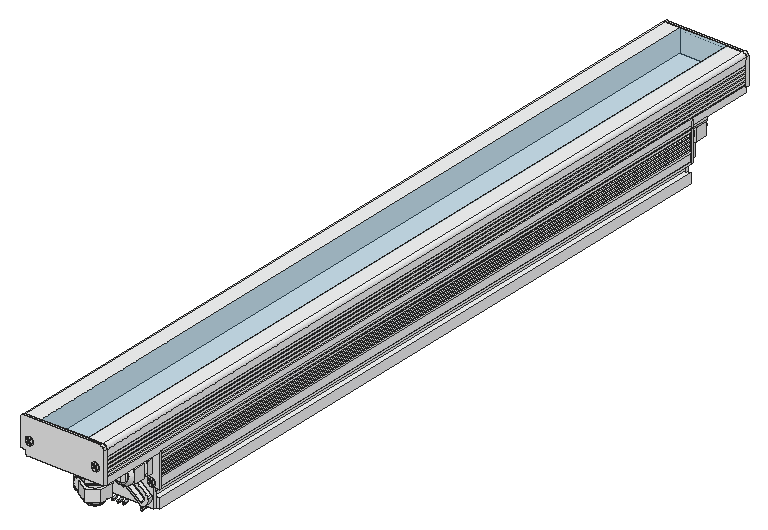
Revit family "ALS600T-AD-4RF", category Lighting Fixtures, Revit 2017 (continued)
Automatic sketch dimensions
  Extrusion 234 sketch curve to Extrusion 234 sketch curve = 0.23123"  (x2)
  Extrusion 234 sketch curve to Extrusion 234 sketch curve = 0.38135"  (x2)
  Revolve 235 sketch curve to Revolve 235 sketch curve = 0.00"  (x4)
  Revolve 235 sketch curve to Revolve 235 sketch curve = 0.01789"
  Revolve 235 sketch curve to Revolve 235 sketch curve = 0.01539"
  Revolve 235 sketch curve to Revolve 235 sketch curve = 0.0348"
  Revolve 235 sketch curve to Revolve 235 sketch curve = 0.07597"
  Revolve 235 sketch curve to Revolve 235 sketch curve = 0.04692"
  Revolve 235 sketch curve to Revolve 235 sketch curve = 0.10125"
  Revolve 235 sketch curve to Revolve 235 sketch curve = 0.01965"
  Revolve 235 sketch curve to Revolve 235 sketch curve = 0.04654"  (x3)
  Revolve 235 sketch curve to Revolve 235 sketch curve = 0.2091"
  Revolve 235 sketch curve to Revolve 235 sketch curve = 0.2304"
  Revolve 235 sketch curve to Revolve 235 sketch curve = 0.03193"
  Revolve 235 sketch curve to Revolve 235 sketch curve = 0.15283"
  Revolve 235 sketch curve to Revolve 235 sketch curve = 0.35"
  Revolve 235 sketch curve to Revolve 235 sketch curve = 0.00065"
  Revolve 235 sketch curve to Revolve 235 sketch curve = 0.04255"
  Revolve 235 sketch curve to Revolve 235 sketch curve = 0.03014"
  Revolve 235 sketch curve to Revolve 235 sketch curve = 0.03871"
  Revolve 235 sketch curve to Revolve 235 sketch curve = 0.03332"
  Revolve 235 sketch curve to Revolve 235 sketch curve = 0.00857"
  Revolve 235 sketch curve to Revolve 235 sketch curve = 0.15131"
  Revolve 235 sketch curve to Revolve 235 sketch curve = 0.14586"
  Revolve 235 sketch curve to Revolve 235 sketch curve = 0.02914"
  Revolve 235 sketch curve to Revolve 235 sketch curve = 0.09893"
  Revolve 235 sketch curve to Revolve 235 sketch curve = 0.28003"
  Revolve 235 sketch curve to Revolve 235 sketch curve = 0.04962"
  Extrusion 237 sketch curve to Extrusion 237 sketch curve = 0.04682"  (x2)
  Extrusion 237 sketch curve to Extrusion 237 sketch curve = 0.30685"
  Extrusion 237 sketch curve to Extrusion 237 sketch curve = 0.35367"  (x2)
  Extrusion 237 sketch curve to Extrusion 237 sketch curve = 0.15012"
  Extrusion 237 sketch curve to Extrusion 237 sketch curve = 0.23123"  (x2)
  Extrusion 237 sketch curve to Extrusion 237 sketch curve = 0.38135"  (x2)
  Extrusion 238 sketch curve to Extrusion 238 sketch curve = 0.04682"  (x2)
  Extrusion 238 sketch curve to Extrusion 238 sketch curve = 0.30685"
  Extrusion 238 sketch curve to Extrusion 238 sketch curve = 0.35367"  (x2)
  Extrusion 238 sketch curve to Extrusion 238 sketch curve = 0.15012"
  Extrusion 238 sketch curve to Extrusion 238 sketch curve = 0.23123"  (x2)
  Extrusion 238 sketch curve to Extrusion 238 sketch curve = 0.38135"  (x2)
  Revolve 239 sketch curve to Revolve 239 sketch curve = 0.00"  (x4)
  Revolve 239 sketch curve to Revolve 239 sketch curve = 0.01789"
  Revolve 239 sketch curve to Revolve 239 sketch curve = 0.01539"
  Revolve 239 sketch curve to Revolve 239 sketch curve = 0.0348"
  Revolve 239 sketch curve to Revolve 239 sketch curve = 0.07597"
  Revolve 239 sketch curve to Revolve 239 sketch curve = 0.04692"
  Revolve 239 sketch curve to Revolve 239 sketch curve = 0.10125"
  Revolve 239 sketch curve to Revolve 239 sketch curve = 0.01965"
  Revolve 239 sketch curve to Revolve 239 sketch curve = 0.04654"  (x3)
  Revolve 239 sketch curve to Revolve 239 sketch curve = 0.2091"
  Revolve 239 sketch curve to Revolve 239 sketch curve = 0.2304"
  Revolve 239 sketch curve to Revolve 239 sketch curve = 0.03193"
  Revolve 239 sketch curve to Revolve 239 sketch curve = 0.15283"
  Revolve 239 sketch curve to Revolve 239 sketch curve = 0.35"
  Revolve 239 sketch curve to Revolve 239 sketch curve = 0.00065"
  Revolve 239 sketch curve to Revolve 239 sketch curve = 0.04255"
  Revolve 239 sketch curve to Revolve 239 sketch curve = 0.03014"
  Revolve 239 sketch curve to Revolve 239 sketch curve = 0.03871"
  Revolve 239 sketch curve to Revolve 239 sketch curve = 0.03332"
  Revolve 239 sketch curve to Revolve 239 sketch curve = 0.00857"
  Revolve 239 sketch curve to Revolve 239 sketch curve = 0.15131"
  Revolve 239 sketch curve to Revolve 239 sketch curve = 0.14586"
  Revolve 239 sketch curve to Revolve 239 sketch curve = 0.02914"
  Revolve 239 sketch curve to Revolve 239 sketch curve = 0.09893"
  Revolve 239 sketch curve to Revolve 239 sketch curve = 0.28003"
  Revolve 239 sketch curve to Revolve 239 sketch curve = 0.04962"
  Extrusion 240 sketch curve to Extrusion 240 sketch curve = 0.04682"  (x2)
  Extrusion 240 sketch curve to Extrusion 240 sketch curve = 0.30685"
  Extrusion 240 sketch curve to Extrusion 240 sketch curve = 0.35367"  (x2)
  Extrusion 240 sketch curve to Extrusion 240 sketch curve = 0.15012"
  Extrusion 240 sketch curve to Extrusion 240 sketch curve = 0.23123"  (x2)
  Extrusion 240 sketch curve to Extrusion 240 sketch curve = 0.38135"  (x2)
  Extrusion 241 sketch curve to Extrusion 241 sketch curve = 0.04682"  (x2)
  Extrusion 241 sketch curve to Extrusion 241 sketch curve = 0.30685"
  Extrusion 241 sketch curve to Extrusion 241 sketch curve = 0.35367"  (x2)
  Extrusion 241 sketch curve to Extrusion 241 sketch curve = 0.15012"
  Extrusion 241 sketch curve to Extrusion 241 sketch curve = 0.23123"  (x2)
  Extrusion 241 sketch curve to Extrusion 241 sketch curve = 0.38135"  (x2)
  Revolve 242 sketch curve to Revolve 242 sketch curve = 0.00"  (x4)
  Revolve 242 sketch curve to Revolve 242 sketch curve = 0.01789"
  Revolve 242 sketch curve to Revolve 242 sketch curve = 0.01539"
  Revolve 242 sketch curve to Revolve 242 sketch curve = 0.0348"
  Revolve 242 sketch curve to Revolve 242 sketch curve = 0.07597"
  Revolve 242 sketch curve to Revolve 242 sketch curve = 0.04692"
  Revolve 242 sketch curve to Revolve 242 sketch curve = 0.10125"
  Revolve 242 sketch curve to Revolve 242 sketch curve = 0.01965"
  Revolve 242 sketch curve to Revolve 242 sketch curve = 0.04654"  (x3)
  Revolve 242 sketch curve to Revolve 242 sketch curve = 0.2091"
  Revolve 242 sketch curve to Revolve 242 sketch curve = 0.2304"
  Revolve 242 sketch curve to Revolve 242 sketch curve = 0.03193"
  Revolve 242 sketch curve to Revolve 242 sketch curve = 0.15283"
  Revolve 242 sketch curve to Revolve 242 sketch curve = 0.35"
  Revolve 242 sketch curve to Revolve 242 sketch curve = 0.00065"
  Revolve 242 sketch curve to Revolve 242 sketch curve = 0.04255"
  Revolve 242 sketch curve to Revolve 242 sketch curve = 0.03014"
  Revolve 242 sketch curve to Revolve 242 sketch curve = 0.03871"
  Revolve 242 sketch curve to Revolve 242 sketch curve = 0.03332"
  Revolve 242 sketch curve to Revolve 242 sketch curve = 0.00857"
  Revolve 242 sketch curve to Revolve 242 sketch curve = 0.15131"
  Revolve 242 sketch curve to Revolve 242 sketch curve = 0.14586"
  Revolve 242 sketch curve to Revolve 242 sketch curve = 0.02914"
  Revolve 242 sketch curve to Revolve 242 sketch curve = 0.09893"
  Revolve 242 sketch curve to Revolve 242 sketch curve = 0.28003"
  Revolve 242 sketch curve to Revolve 242 sketch curve = 0.04962"
  Extrusion 244 sketch curve to Extrusion 244 sketch curve = 0.04682"  (x2)
  Extrusion 244 sketch curve to Extrusion 244 sketch curve = 0.30685"
  Extrusion 244 sketch curve to Extrusion 244 sketch curve = 0.35367"  (x2)
  Extrusion 244 sketch curve to Extrusion 244 sketch curve = 0.15012"
  Extrusion 244 sketch curve to Extrusion 244 sketch curve = 0.23123"  (x2)
  Extrusion 244 sketch curve to Extrusion 244 sketch curve = 0.38135"  (x2)
  Extrusion 245 sketch curve to Extrusion 245 sketch curve = 0.04682"  (x2)
  Extrusion 245 sketch curve to Extrusion 245 sketch curve = 0.30685"
  Extrusion 245 sketch curve to Extrusion 245 sketch curve = 0.35367"  (x2)
  Extrusion 245 sketch curve to Extrusion 245 sketch curve = 0.15012"
  Extrusion 245 sketch curve to Extrusion 245 sketch curve = 0.23123"  (x2)
  Extrusion 245 sketch curve to Extrusion 245 sketch curve = 0.38135"  (x2)
  Revolve 246 sketch curve to Revolve 246 sketch curve = 0.00"  (x4)
  Revolve 246 sketch curve to Revolve 246 sketch curve = 0.01789"
  Revolve 246 sketch curve to Revolve 246 sketch curve = 0.01539"
  Revolve 246 sketch curve to Revolve 246 sketch curve = 0.0348"
  Revolve 246 sketch curve to Revolve 246 sketch curve = 0.07597"
  Revolve 246 sketch curve to Revolve 246 sketch curve = 0.04692"
  Revolve 246 sketch curve to Revolve 246 sketch curve = 0.10125"
  Revolve 246 sketch curve to Revolve 246 sketch curve = 0.01965"
  Revolve 246 sketch curve to Revolve 246 sketch curve = 0.04654"  (x3)
  Revolve 246 sketch curve to Revolve 246 sketch curve = 0.2091"
  Revolve 246 sketch curve to Revolve 246 sketch curve = 0.2304"
  Revolve 246 sketch curve to Revolve 246 sketch curve = 0.03193"
  Revolve 246 sketch curve to Revolve 246 sketch curve = 0.15283"
  Revolve 246 sketch curve to Revolve 246 sketch curve = 0.35"
  Revolve 246 sketch curve to Revolve 246 sketch curve = 0.00065"
  Revolve 246 sketch curve to Revolve 246 sketch curve = 0.04255"
  Revolve 246 sketch curve to Revolve 246 sketch curve = 0.03014"
  Revolve 246 sketch curve to Revolve 246 sketch curve = 0.03871"
  Revolve 246 sketch curve to Revolve 246 sketch curve = 0.03332"
  Revolve 246 sketch curve to Revolve 246 sketch curve = 0.00857"
  Revolve 246 sketch curve to Revolve 246 sketch curve = 0.15131"
  Revolve 246 sketch curve to Revolve 246 sketch curve = 0.14586"
  Revolve 246 sketch curve to Revolve 246 sketch curve = 0.02914"
  Revolve 246 sketch curve to Revolve 246 sketch curve = 0.09893"
  Revolve 246 sketch curve to Revolve 246 sketch curve = 0.28003"
  Revolve 246 sketch curve to Revolve 246 sketch curve = 0.04962"
  Extrusion 269 sketch curve to Extrusion 269 sketch curve = 0.04682"  (x2)
  Extrusion 269 sketch curve to Extrusion 269 sketch curve = 0.30685"
  Extrusion 269 sketch curve to Extrusion 269 sketch curve = 0.35367"  (x2)
  Extrusion 269 sketch curve to Extrusion 269 sketch curve = 0.15012"
  Extrusion 269 sketch curve to Extrusion 269 sketch curve = 0.23123"  (x2)
  Extrusion 269 sketch curve to Extrusion 269 sketch curve = 0.38135"  (x2)
  Extrusion 270 sketch curve to Extrusion 270 sketch curve = 0.04682"  (x2)
  Extrusion 270 sketch curve to Extrusion 270 sketch curve = 0.30685"
  Extrusion 270 sketch curve to Extrusion 270 sketch curve = 0.35367"  (x2)
  Extrusion 270 sketch curve to Extrusion 270 sketch curve = 0.15012"
  Extrusion 270 sketch curve to Extrusion 270 sketch curve = 0.23123"  (x2)
  Extrusion 270 sketch curve to Extrusion 270 sketch curve = 0.38135"  (x2)
  Revolve 271 sketch curve to Revolve 271 sketch curve = 0.00"  (x4)
  Revolve 271 sketch curve to Revolve 271 sketch curve = 0.01789"
  Revolve 271 sketch curve to Revolve 271 sketch curve = 0.01539"
  Revolve 271 sketch curve to Revolve 271 sketch curve = 0.0348"
  Revolve 271 sketch curve to Revolve 271 sketch curve = 0.07597"
  Revolve 271 sketch curve to Revolve 271 sketch curve = 0.04692"
  Revolve 271 sketch curve to Revolve 271 sketch curve = 0.10125"
  Revolve 271 sketch curve to Revolve 271 sketch curve = 0.01965"
  Revolve 271 sketch curve to Revolve 271 sketch curve = 0.04654"  (x3)
  Revolve 271 sketch curve to Revolve 271 sketch curve = 0.2091"
  Revolve 271 sketch curve to Revolve 271 sketch curve = 0.2304"
  Revolve 271 sketch curve to Revolve 271 sketch curve = 0.03193"
  Revolve 271 sketch curve to Revolve 271 sketch curve = 0.15283"
  Revolve 271 sketch curve to Revolve 271 sketch curve = 0.35"
  Revolve 271 sketch curve to Revolve 271 sketch curve = 0.00065"
  Revolve 271 sketch curve to Revolve 271 sketch curve = 0.04255"
  Revolve 271 sketch curve to Revolve 271 sketch curve = 0.03014"
  Revolve 271 sketch curve to Revolve 271 sketch curve = 0.03871"
  Revolve 271 sketch curve to Revolve 271 sketch curve = 0.03332"
  Revolve 271 sketch curve to Revolve 271 sketch curve = 0.00857"
  Revolve 271 sketch curve to Revolve 271 sketch curve = 0.15131"
  Revolve 271 sketch curve to Revolve 271 sketch curve = 0.14586"
  Revolve 271 sketch curve to Revolve 271 sketch curve = 0.02914"
  Revolve 271 sketch curve to Revolve 271 sketch curve = 0.09893"
  Revolve 271 sketch curve to Revolve 271 sketch curve = 0.28003"
  Revolve 271 sketch curve to Revolve 271 sketch curve = 0.04962"
  Extrusion 273 sketch curve to Extrusion 273 sketch curve = 0.04682"  (x2)
  Extrusion 273 sketch curve to Extrusion 273 sketch curve = 0.30685"
  Extrusion 273 sketch curve to Extrusion 273 sketch curve = 0.35367"  (x2)
  Extrusion 273 sketch curve to Extrusion 273 sketch curve = 0.15012"
  Extrusion 273 sketch curve to Extrusion 273 sketch curve = 0.23123"  (x2)
  Extrusion 273 sketch curve to Extrusion 273 sketch curve = 0.38135"  (x2)
  Extrusion 274 sketch curve to Extrusion 274 sketch curve = 0.04682"  (x2)
  Extrusion 274 sketch curve to Extrusion 274 sketch curve = 0.30685"
  Extrusion 274 sketch curve to Extrusion 274 sketch curve = 0.35367"  (x2)
  Extrusion 274 sketch curve to Extrusion 274 sketch curve = 0.15012"
  Extrusion 274 sketch curve to Extrusion 274 sketch curve = 0.23123"  (x2)
  Extrusion 274 sketch curve to Extrusion 274 sketch curve = 0.38135"  (x2)
  Revolve 275 sketch curve to Revolve 275 sketch curve = 0.00"  (x4)
  Revolve 275 sketch curve to Revolve 275 sketch curve = 0.01789"
  Revolve 275 sketch curve to Revolve 275 sketch curve = 0.01539"
  Revolve 275 sketch curve to Revolve 275 sketch curve = 0.0348"
  Revolve 275 sketch curve to Revolve 275 sketch curve = 0.07597"
  Revolve 275 sketch curve to Revolve 275 sketch curve = 0.04692"
  Revolve 275 sketch curve to Revolve 275 sketch curve = 0.10125"
  Revolve 275 sketch curve to Revolve 275 sketch curve = 0.01965"
  Revolve 275 sketch curve to Revolve 275 sketch curve = 0.04654"  (x3)
  Revolve 275 sketch curve to Revolve 275 sketch curve = 0.2091"
  Revolve 275 sketch curve to Revolve 275 sketch curve = 0.2304"
  Revolve 275 sketch curve to Revolve 275 sketch curve = 0.03193"
  Revolve 275 sketch curve to Revolve 275 sketch curve = 0.15283"
  Revolve 275 sketch curve to Revolve 275 sketch curve = 0.35"
  Revolve 275 sketch curve to Revolve 275 sketch curve = 0.00065"
  Revolve 275 sketch curve to Revolve 275 sketch curve = 0.04255"
  Revolve 275 sketch curve to Revolve 275 sketch curve = 0.03014"
  Revolve 275 sketch curve to Revolve 275 sketch curve = 0.03871"
  Revolve 275 sketch curve to Revolve 275 sketch curve = 0.03332"
  Revolve 275 sketch curve to Revolve 275 sketch curve = 0.00857"
  Revolve 275 sketch curve to Revolve 275 sketch curve = 0.15131"
  Revolve 275 sketch curve to Revolve 275 sketch curve = 0.14586"
  Revolve 275 sketch curve to Revolve 275 sketch curve = 0.02914"
  Revolve 275 sketch curve to Revolve 275 sketch curve = 0.09893"
  Revolve 275 sketch curve to Revolve 275 sketch curve = 0.28003"
  Revolve 275 sketch curve to Revolve 275 sketch curve = 0.04962"
  Extrusion 276 sketch curve to Extrusion 276 sketch curve = 0.04682"  (x2)
  Extrusion 276 sketch curve to Extrusion 276 sketch curve = 0.30685"
  Extrusion 276 sketch curve to Extrusion 276 sketch curve = 0.35367"  (x2)
  Extrusion 276 sketch curve to Extrusion 276 sketch curve = 0.15012"
  Extrusion 276 sketch curve to Extrusion 276 sketch curve = 0.23123"  (x2)
  Extrusion 276 sketch curve to Extrusion 276 sketch curve = 0.38135"  (x2)
  Extrusion 277 sketch curve to Extrusion 277 sketch curve = 0.04682"  (x2)
  Extrusion 277 sketch curve to Extrusion 277 sketch curve = 0.30685"
  Extrusion 277 sketch curve to Extrusion 277 sketch curve = 0.35367"  (x2)
  Extrusion 277 sketch curve to Extrusion 277 sketch curve = 0.15012"
  Extrusion 277 sketch curve to Extrusion 277 sketch curve = 0.23123"  (x2)
  Extrusion 277 sketch curve to Extrusion 277 sketch curve = 0.38135"  (x2)
  Revolve 278 sketch curve to Revolve 278 sketch curve = 0.00"  (x4)
  Revolve 278 sketch curve to Revolve 278 sketch curve = 0.01789"
  Revolve 278 sketch curve to Revolve 278 sketch curve = 0.01539"
  Revolve 278 sketch curve to Revolve 278 sketch curve = 0.0348"
  Revolve 278 sketch curve to Revolve 278 sketch curve = 0.07597"
  Revolve 278 sketch curve to Revolve 278 sketch curve = 0.04692"
  Revolve 278 sketch curve to Revolve 278 sketch curve = 0.10125"
  Revolve 278 sketch curve to Revolve 278 sketch curve = 0.01965"
  Revolve 278 sketch curve to Revolve 278 sketch curve = 0.04654"  (x3)
  Revolve 278 sketch curve to Revolve 278 sketch curve = 0.2091"
  Revolve 278 sketch curve to Revolve 278 sketch curve = 0.2304"
  Revolve 278 sketch curve to Revolve 278 sketch curve = 0.03193"
  Revolve 278 sketch curve to Revolve 278 sketch curve = 0.15283"
  Revolve 278 sketch curve to Revolve 278 sketch curve = 0.35"
  Revolve 278 sketch curve to Revolve 278 sketch curve = 0.00065"
  Revolve 278 sketch curve to Revolve 278 sketch curve = 0.04255"
  Revolve 278 sketch curve to Revolve 278 sketch curve = 0.03014"
  Revolve 278 sketch curve to Revolve 278 sketch curve = 0.03871"
  Revolve 278 sketch curve to Revolve 278 sketch curve = 0.03332"
  Revolve 278 sketch curve to Revolve 278 sketch curve = 0.00857"
  Revolve 278 sketch curve to Revolve 278 sketch curve = 0.15131"
  Revolve 278 sketch curve to Revolve 278 sketch curve = 0.14586"
  Revolve 278 sketch curve to Revolve 278 sketch curve = 0.02914"
  Revolve 278 sketch curve to Revolve 278 sketch curve = 0.09893"
  Revolve 278 sketch curve to Revolve 278 sketch curve = 0.28003"
  Revolve 278 sketch curve to Revolve 278 sketch curve = 0.04962"
  Extrusion 280 sketch curve to Extrusion 280 sketch curve = 0.04682"  (x2)
  Extrusion 280 sketch curve to Extrusion 280 sketch curve = 0.30685"
  Extrusion 280 sketch curve to Extrusion 280 sketch curve = 0.35367"  (x2)
  Extrusion 280 sketch curve to Extrusion 280 sketch curve = 0.15012"
  Extrusion 280 sketch curve to Extrusion 280 sketch curve = 0.23123"  (x2)
  Extrusion 280 sketch curve to Extrusion 280 sketch curve = 0.38135"  (x2)
  Extrusion 281 sketch curve to Extrusion 281 sketch curve = 0.04682"  (x2)
  Extrusion 281 sketch curve to Extrusion 281 sketch curve = 0.30685"
  Extrusion 281 sketch curve to Extrusion 281 sketch curve = 0.35367"  (x2)
  Extrusion 281 sketch curve to Extrusion 281 sketch curve = 0.15012"
  Extrusion 281 sketch curve to Extrusion 281 sketch curve = 0.23123"  (x2)
  Extrusion 281 sketch curve to Extrusion 281 sketch curve = 0.38135"  (x2)
  Revolve 282 sketch curve to Revolve 282 sketch curve = 0.00"  (x4)
  Revolve 282 sketch curve to Revolve 282 sketch curve = 0.01789"
  Revolve 282 sketch curve to Revolve 282 sketch curve = 0.01539"
  Revolve 282 sketch curve to Revolve 282 sketch curve = 0.0348"
  Revolve 282 sketch curve to Revolve 282 sketch curve = 0.07597"
  Revolve 282 sketch curve to Revolve 282 sketch curve = 0.04692"
  Revolve 282 sketch curve to Revolve 282 sketch curve = 0.10125"
  Revolve 282 sketch curve to Revolve 282 sketch curve = 0.01965"
  Revolve 282 sketch curve to Revolve 282 sketch curve = 0.04654"  (x3)
  Revolve 282 sketch curve to Revolve 282 sketch curve = 0.2091"
  Revolve 282 sketch curve to Revolve 282 sketch curve = 0.2304"
  Revolve 282 sketch curve to Revolve 282 sketch curve = 0.03193"
  Revolve 282 sketch curve to Revolve 282 sketch curve = 0.15283"
  Revolve 282 sketch curve to Revolve 282 sketch curve = 0.35"
  Revolve 282 sketch curve to Revolve 282 sketch curve = 0.00065"
  Revolve 282 sketch curve to Revolve 282 sketch curve = 0.04255"
  Revolve 282 sketch curve to Revolve 282 sketch curve = 0.03014"
  Revolve 282 sketch curve to Revolve 282 sketch curve = 0.03871"
  Revolve 282 sketch curve to Revolve 282 sketch curve = 0.03332"
  Revolve 282 sketch curve to Revolve 282 sketch curve = 0.00857"
  Revolve 282 sketch curve to Revolve 282 sketch curve = 0.15131"
  Revolve 282 sketch curve to Revolve 282 sketch curve = 0.14586"
  Revolve 282 sketch curve to Revolve 282 sketch curve = 0.02914"
  Revolve 282 sketch curve to Revolve 282 sketch curve = 0.09893"
  Revolve 282 sketch curve to Revolve 282 sketch curve = 0.28003"
  Revolve 282 sketch curve to Revolve 282 sketch curve = 0.04962"
  Extrusion 321 sketch curve to Extrusion 321 sketch curve = 0.04682"  (x2)
  Extrusion 321 sketch curve to Extrusion 321 sketch curve = 0.30685"
  Extrusion 321 sketch curve to Extrusion 321 sketch curve = 0.35367"  (x2)
  Extrusion 321 sketch curve to Extrusion 321 sketch curve = 0.15012"
  Extrusion 321 sketch curve to Extrusion 321 sketch curve = 0.23123"  (x2)
  Extrusion 321 sketch curve to Extrusion 321 sketch curve = 0.38135"  (x2)
  Extrusion 322 sketch curve to Extrusion 322 sketch curve = 0.04682"  (x2)
  Extrusion 322 sketch curve to Extrusion 322 sketch curve = 0.30685"
  Extrusion 322 sketch curve to Extrusion 322 sketch curve = 0.35367"  (x2)
  Extrusion 322 sketch curve to Extrusion 322 sketch curve = 0.15012"
  Extrusion 322 sketch curve to Extrusion 322 sketch curve = 0.23123"  (x2)
  Extrusion 322 sketch curve to Extrusion 322 sketch curve = 0.38135"  (x2)
  Revolve 323 sketch curve to Revolve 323 sketch curve = 0.00"  (x4)
  Revolve 323 sketch curve to Revolve 323 sketch curve = 0.01789"
  Revolve 323 sketch curve to Revolve 323 sketch curve = 0.01539"
  Revolve 323 sketch curve to Revolve 323 sketch curve = 0.0348"
  Revolve 323 sketch curve to Revolve 323 sketch curve = 0.07597"
  Revolve 323 sketch curve to Revolve 323 sketch curve = 0.04692"
  Revolve 323 sketch curve to Revolve 323 sketch curve = 0.10125"
  Revolve 323 sketch curve to Revolve 323 sketch curve = 0.01965"
  Revolve 323 sketch curve to Revolve 323 sketch curve = 0.04654"  (x3)
  Revolve 323 sketch curve to Revolve 323 sketch curve = 0.2091"
  Revolve 323 sketch curve to Revolve 323 sketch curve = 0.2304"
  Revolve 323 sketch curve to Revolve 323 sketch curve = 0.03193"
  Revolve 323 sketch curve to Revolve 323 sketch curve = 0.15283"
  Revolve 323 sketch curve to Revolve 323 sketch curve = 0.35"
  Revolve 323 sketch curve to Revolve 323 sketch curve = 0.00065"
  Revolve 323 sketch curve to Revolve 323 sketch curve = 0.04255"
  Revolve 323 sketch curve to Revolve 323 sketch curve = 0.03014"
  Revolve 323 sketch curve to Revolve 323 sketch curve = 0.03871"
  Revolve 323 sketch curve to Revolve 323 sketch curve = 0.03332"
  Revolve 323 sketch curve to Revolve 323 sketch curve = 0.00857"
  Revolve 323 sketch curve to Revolve 323 sketch curve = 0.15131"
  Revolve 323 sketch curve to Revolve 323 sketch curve = 0.14586"
  Revolve 323 sketch curve to Revolve 323 sketch curve = 0.02914"
  Revolve 323 sketch curve to Revolve 323 sketch curve = 0.09893"
  Revolve 323 sketch curve to Revolve 323 sketch curve = 0.28003"
  Revolve 323 sketch curve to Revolve 323 sketch curve = 0.04962"
  Extrusion 325 sketch curve to Extrusion 325 sketch curve = 0.04682"  (x2)
  Extrusion 325 sketch curve to Extrusion 325 sketch curve = 0.30685"
  Extrusion 325 sketch curve to Extrusion 325 sketch curve = 0.35367"  (x2)
  Extrusion 325 sketch curve to Extrusion 325 sketch curve = 0.15012"
  Extrusion 325 sketch curve to Extrusion 325 sketch curve = 0.23123"  (x2)
  Extrusion 325 sketch curve to Extrusion 325 sketch curve = 0.38135"  (x2)
  Extrusion 326 sketch curve to Extrusion 326 sketch curve = 0.04682"  (x2)
  Extrusion 326 sketch curve to Extrusion 326 sketch curve = 0.30685"
  Extrusion 326 sketch curve to Extrusion 326 sketch curve = 0.35367"  (x2)
  Extrusion 326 sketch curve to Extrusion 326 sketch curve = 0.15012"
  Extrusion 326 sketch curve to Extrusion 326 sketch curve = 0.23123"  (x2)
  Extrusion 326 sketch curve to Extrusion 326 sketch curve = 0.38135"  (x2)
  Revolve 327 sketch curve to Revolve 327 sketch curve = 0.00"  (x4)
  Revolve 327 sketch curve to Revolve 327 sketch curve = 0.01789"
  Revolve 327 sketch curve to Revolve 327 sketch curve = 0.01539"
  Revolve 327 sketch curve to Revolve 327 sketch curve = 0.0348"
  Revolve 327 sketch curve to Revolve 327 sketch curve = 0.07597"
  Revolve 327 sketch curve to Revolve 327 sketch curve = 0.04692"
  Revolve 327 sketch curve to Revolve 327 sketch curve = 0.10125"
  Revolve 327 sketch curve to Revolve 327 sketch curve = 0.01965"
  Revolve 327 sketch curve to Revolve 327 sketch curve = 0.04654"  (x3)
  Revolve 327 sketch curve to Revolve 327 sketch curve = 0.2091"
  Revolve 327 sketch curve to Revolve 327 sketch curve = 0.2304"
  Revolve 327 sketch curve to Revolve 327 sketch curve = 0.03193"
  Revolve 327 sketch curve to Revolve 327 sketch curve = 0.15283"
  Revolve 327 sketch curve to Revolve 327 sketch curve = 0.35"
  Revolve 327 sketch curve to Revolve 327 sketch curve = 0.00065"
  Revolve 327 sketch curve to Revolve 327 sketch curve = 0.04255"
  Revolve 327 sketch curve to Revolve 327 sketch curve = 0.03014"
  Revolve 327 sketch curve to Revolve 327 sketch curve = 0.03871"
  Revolve 327 sketch curve to Revolve 327 sketch curve = 0.03332"
  Revolve 327 sketch curve to Revolve 327 sketch curve = 0.00857"
  Revolve 327 sketch curve to Revolve 327 sketch curve = 0.15131"
  Revolve 327 sketch curve to Revolve 327 sketch curve = 0.14586"
  Revolve 327 sketch curve to Revolve 327 sketch curve = 0.02914"
  Revolve 327 sketch curve to Revolve 327 sketch curve = 0.09893"
  Revolve 327 sketch curve to Revolve 327 sketch curve = 0.28003"
  Revolve 327 sketch curve to Revolve 327 sketch curve = 0.04962"
  Extrusion 328 sketch curve to Extrusion 328 sketch curve = 0.04682"  (x2)
  Extrusion 328 sketch curve to Extrusion 328 sketch curve = 0.30685"
  Extrusion 328 sketch curve to Extrusion 328 sketch curve = 0.35367"  (x2)
  Extrusion 328 sketch curve to Extrusion 328 sketch curve = 0.15012"
  Extrusion 328 sketch curve to Extrusion 328 sketch curve = 0.23123"  (x2)
  Extrusion 328 sketch curve to Extrusion 328 sketch curve = 0.38135"  (x2)
  Extrusion 329 sketch curve to Extrusion 329 sketch curve = 0.04682"  (x2)
  Extrusion 329 sketch curve to Extrusion 329 sketch curve = 0.30685"
  Extrusion 329 sketch curve to Extrusion 329 sketch curve = 0.35367"  (x2)
  Extrusion 329 sketch curve to Extrusion 329 sketch curve = 0.15012"
  Extrusion 329 sketch curve to Extrusion 329 sketch curve = 0.23123"  (x2)
  Extrusion 329 sketch curve to Extrusion 329 sketch curve = 0.38135"  (x2)
  Revolve 330 sketch curve to Revolve 330 sketch curve = 0.00"  (x4)
  Revolve 330 sketch curve to Revolve 330 sketch curve = 0.01789"
  Revolve 330 sketch curve to Revolve 330 sketch curve = 0.01539"
  Revolve 330 sketch curve to Revolve 330 sketch curve = 0.0348"
  Revolve 330 sketch curve to Revolve 330 sketch curve = 0.07597"
  Revolve 330 sketch curve to Revolve 330 sketch curve = 0.04692"
  Revolve 330 sketch curve to Revolve 330 sketch curve = 0.10125"
  Revolve 330 sketch curve to Revolve 330 sketch curve = 0.01965"
  Revolve 330 sketch curve to Revolve 330 sketch curve = 0.04654"  (x3)
  Revolve 330 sketch curve to Revolve 330 sketch curve = 0.2091"
  Revolve 330 sketch curve to Revolve 330 sketch curve = 0.2304"
  Revolve 330 sketch curve to Revolve 330 sketch curve = 0.03193"
  Revolve 330 sketch curve to Revolve 330 sketch curve = 0.15283"
  Revolve 330 sketch curve to Revolve 330 sketch curve = 0.35"
  Revolve 330 sketch curve to Revolve 330 sketch curve = 0.00065"
  Revolve 330 sketch curve to Revolve 330 sketch curve = 0.04255"
  Revolve 330 sketch curve to Revolve 330 sketch curve = 0.03014"
  Revolve 330 sketch curve to Revolve 330 sketch curve = 0.03871"
  Revolve 330 sketch curve to Revolve 330 sketch curve = 0.03332"
  Revolve 330 sketch curve to Revolve 330 sketch curve = 0.00857"
  Revolve 330 sketch curve to Revolve 330 sketch curve = 0.15131"
  Revolve 330 sketch curve to Revolve 330 sketch curve = 0.14586"
  Revolve 330 sketch curve to Revolve 330 sketch curve = 0.02914"
  Revolve 330 sketch curve to Revolve 330 sketch curve = 0.09893"
  Revolve 330 sketch curve to Revolve 330 sketch curve = 0.28003"
  Revolve 330 sketch curve to Revolve 330 sketch curve = 0.04962"
  Extrusion 332 sketch curve to Extrusion 332 sketch curve = 0.04682"  (x2)
  Extrusion 332 sketch curve to Extrusion 332 sketch curve = 0.30685"
  Extrusion 332 sketch curve to Extrusion 332 sketch curve = 0.35367"  (x2)
  Extrusion 332 sketch curve to Extrusion 332 sketch curve = 0.15012"
  Extrusion 332 sketch curve to Extrusion 332 sketch curve = 0.23123"  (x2)
  Extrusion 332 sketch curve to Extrusion 332 sketch curve = 0.38135"  (x2)
  Extrusion 333 sketch curve to Extrusion 333 sketch curve = 0.04682"  (x2)
  Extrusion 333 sketch curve to Extrusion 333 sketch curve = 0.30685"
  Extrusion 333 sketch curve to Extrusion 333 sketch curve = 0.35367"  (x2)
  Extrusion 333 sketch curve to Extrusion 333 sketch curve = 0.15012"
  Extrusion 333 sketch curve to Extrusion 333 sketch curve = 0.23123"  (x2)
  Extrusion 333 sketch curve to Extrusion 333 sketch curve = 0.38135"  (x2)
  Revolve 334 sketch curve to Revolve 334 sketch curve = 0.00"  (x4)
  Revolve 334 sketch curve to Revolve 334 sketch curve = 0.01789"
  Revolve 334 sketch curve to Revolve 334 sketch curve = 0.01539"
  Revolve 334 sketch curve to Revolve 334 sketch curve = 0.0348"
  Revolve 334 sketch curve to Revolve 334 sketch curve = 0.07597"
  Revolve 334 sketch curve to Revolve 334 sketch curve = 0.04692"
  Revolve 334 sketch curve to Revolve 334 sketch curve = 0.10125"
  Revolve 334 sketch curve to Revolve 334 sketch curve = 0.01965"
  Revolve 334 sketch curve to Revolve 334 sketch curve = 0.04654"  (x3)
  Revolve 334 sketch curve to Revolve 334 sketch curve = 0.2091"
  Revolve 334 sketch curve to Revolve 334 sketch curve = 0.2304"
  Revolve 334 sketch curve to Revolve 334 sketch curve = 0.03193"
  Revolve 334 sketch curve to Revolve 334 sketch curve = 0.15283"
  Revolve 334 sketch curve to Revolve 334 sketch curve = 0.35"
  Revolve 334 sketch curve to Revolve 334 sketch curve = 0.00065"
  Revolve 334 sketch curve to Revolve 334 sketch curve = 0.04255"
  Revolve 334 sketch curve to Revolve 334 sketch curve = 0.03014"
  Revolve 334 sketch curve to Revolve 334 sketch curve = 0.03871"
  Revolve 334 sketch curve to Revolve 334 sketch curve = 0.03332"
  Revolve 334 sketch curve to Revolve 334 sketch curve = 0.00857"
  Revolve 334 sketch curve to Revolve 334 sketch curve = 0.15131"
  Revolve 334 sketch curve to Revolve 334 sketch curve = 0.14586"
  Revolve 334 sketch curve to Revolve 334 sketch curve = 0.02914"
  Revolve 334 sketch curve to Revolve 334 sketch curve = 0.09893"
  Revolve 334 sketch curve to Revolve 334 sketch curve = 0.28003"
  Revolve 334 sketch curve to Revolve 334 sketch curve = 0.04962"
  Extrusion 355 sketch curve to Extrusion 355 sketch curve = 0.23137"
  Extrusion 355 sketch curve to Extrusion 355 sketch curve = 0.21826"
  Extrusion 355 sketch curve to Extrusion 355 sketch curve = 0.21658"
  Extrusion 355 sketch curve to Extrusion 355 sketch curve = 0.00"
  Extrusion 355 sketch curve to Extrusion 355 sketch curve = 0.03301"
  Extrusion 355 sketch curve to Extrusion 355 sketch curve = 0.03497"
  radius of Extrusion 51 sketch curve = 0.11625"
  radius of Extrusion 52 sketch curve = 0.11625"
  radius of Extrusion 53 sketch curve = 0.11625"
  radius of Extrusion 54 sketch curve = 0.11625"
  radius of Extrusion 55 sketch curve = 0.11625"
  radius of Extrusion 56 sketch curve = 0.03149"
  radius of Extrusion 57 sketch curve = 0.03149"
  radius of Extrusion 58 sketch curve = 0.03149"
  radius of Extrusion 59 sketch curve = 0.03149"
  radius of Extrusion 60 sketch curve = 0.03149"
  radius of Extrusion 61 sketch curve = 0.03149"
  radius of Extrusion 62 sketch curve = 0.03149"
  radius of Extrusion 63 sketch curve = 0.03149"
  radius of Extrusion 64 sketch curve = 0.03149"
  radius of Extrusion 65 sketch curve = 0.03149"
  radius of Extrusion 66 sketch curve = 0.03149"
  radius of Extrusion 67 sketch curve = 0.03149"
  radius of Extrusion 68 sketch curve = 0.03149"
  radius of Extrusion 87 sketch curve = 0.11625"
  radius of Extrusion 88 sketch curve = 0.11625"
  radius of Extrusion 89 sketch curve = 0.11625"
  radius of Extrusion 90 sketch curve = 0.11625"
  radius of Extrusion 91 sketch curve = 0.11625"
  radius of Extrusion 92 sketch curve = 0.03149"
  radius of Extrusion 93 sketch curve = 0.03149"
  radius of Extrusion 94 sketch curve = 0.03149"
  radius of Extrusion 95 sketch curve = 0.03149"
  radius of Extrusion 96 sketch curve = 0.03149"
  radius of Extrusion 97 sketch curve = 0.03149"
  radius of Extrusion 98 sketch curve = 0.03149"
  radius of Extrusion 99 sketch curve = 0.03149"
  radius of Extrusion 100 sketch curve = 0.03149"
  radius of Extrusion 101 sketch curve = 0.03149"
  radius of Extrusion 102 sketch curve = 0.03149"
  radius of Extrusion 103 sketch curve = 0.03149"
  radius of Extrusion 104 sketch curve = 0.03149"
  radius of Extrusion 111 sketch curve = 0.11625"
  radius of Extrusion 112 sketch curve = 0.11625"
  radius of Extrusion 113 sketch curve = 0.11625"
  radius of Extrusion 114 sketch curve = 0.11625"
  radius of Extrusion 115 sketch curve = 0.11625"
  radius of Extrusion 116 sketch curve = 0.03149"
  radius of Extrusion 117 sketch curve = 0.03149"
  radius of Extrusion 118 sketch curve = 0.03149"
  radius of Extrusion 119 sketch curve = 0.03149"
  radius of Extrusion 120 sketch curve = 0.03149"
  radius of Extrusion 121 sketch curve = 0.03149"
  radius of Extrusion 122 sketch curve = 0.03149"
  radius of Extrusion 123 sketch curve = 0.03149"
  radius of Extrusion 124 sketch curve = 0.03149"
  radius of Extrusion 125 sketch curve = 0.03149"
  radius of Extrusion 126 sketch curve = 0.03149"
  radius of Extrusion 127 sketch curve = 0.03149"
  radius of Extrusion 128 sketch curve = 0.03149"
  radius of Extrusion 144 sketch curve = 0.11625"
  radius of Extrusion 145 sketch curve = 0.11625"
  radius of Extrusion 146 sketch curve = 0.11625"
  radius of Extrusion 147 sketch curve = 0.11625"
  radius of Extrusion 148 sketch curve = 0.11625"
  radius of Extrusion 149 sketch curve = 0.03149"
  radius of Extrusion 150 sketch curve = 0.03149"
  radius of Extrusion 151 sketch curve = 0.03149"
  radius of Extrusion 152 sketch curve = 0.03149"
  radius of Extrusion 153 sketch curve = 0.03149"
  radius of Extrusion 154 sketch curve = 0.03149"
  radius of Extrusion 155 sketch curve = 0.03149"
  radius of Extrusion 156 sketch curve = 0.03149"
  radius of Extrusion 157 sketch curve = 0.03149"
  radius of Extrusion 158 sketch curve = 0.03149"
  radius of Extrusion 159 sketch curve = 0.03149"
  radius of Extrusion 160 sketch curve = 0.03149"
  radius of Extrusion 161 sketch curve = 0.03149"
  radius of Extrusion 177 sketch curve = 0.11625"
  radius of Extrusion 178 sketch curve = 0.11625"
  radius of Extrusion 179 sketch curve = 0.11625"
  radius of Extrusion 180 sketch curve = 0.11625"
  radius of Extrusion 181 sketch curve = 0.11625"
  radius of Extrusion 182 sketch curve = 0.03149"
  radius of Extrusion 183 sketch curve = 0.03149"
  radius of Extrusion 184 sketch curve = 0.03149"
  radius of Extrusion 185 sketch curve = 0.03149"
  radius of Extrusion 186 sketch curve = 0.03149"
  radius of Extrusion 187 sketch curve = 0.03149"
  radius of Extrusion 188 sketch curve = 0.03149"
  radius of Extrusion 189 sketch curve = 0.03149"
  radius of Extrusion 190 sketch curve = 0.03149"
  radius of Extrusion 191 sketch curve = 0.03149"
  radius of Extrusion 192 sketch curve = 0.03149"
  radius of Extrusion 193 sketch curve = 0.03149"
  radius of Extrusion 194 sketch curve = 0.03149"
  radius of Extrusion 213 sketch curve = 0.11625"
  radius of Extrusion 214 sketch curve = 0.11625"
  radius of Extrusion 215 sketch curve = 0.11625"
  radius of Extrusion 216 sketch curve = 0.11625"
  radius of Extrusion 217 sketch curve = 0.11625"
  radius of Extrusion 218 sketch curve = 0.03149"
  radius of Extrusion 219 sketch curve = 0.03149"
  radius of Extrusion 220 sketch curve = 0.03149"
  radius of Extrusion 221 sketch curve = 0.03149"
  radius of Extrusion 222 sketch curve = 0.03149"
  radius of Extrusion 223 sketch curve = 0.03149"
  radius of Extrusion 224 sketch curve = 0.03149"
  radius of Extrusion 225 sketch curve = 0.03149"
  radius of Extrusion 226 sketch curve = 0.03149"
  radius of Extrusion 227 sketch curve = 0.03149"
  radius of Extrusion 228 sketch curve = 0.03149"
  radius of Extrusion 229 sketch curve = 0.03149"
  radius of Extrusion 230 sketch curve = 0.03149"
  radius of Extrusion 249 sketch curve = 0.11625"
  radius of Extrusion 250 sketch curve = 0.11625"
  radius of Extrusion 251 sketch curve = 0.11625"
  radius of Extrusion 252 sketch curve = 0.11625"
  radius of Extrusion 253 sketch curve = 0.11625"
  radius of Extrusion 254 sketch curve = 0.03149"
  radius of Extrusion 255 sketch curve = 0.03149"
  radius of Extrusion 256 sketch curve = 0.03149"
  radius of Extrusion 257 sketch curve = 0.03149"
  radius of Extrusion 258 sketch curve = 0.03149"
  radius of Extrusion 259 sketch curve = 0.03149"
  radius of Extrusion 260 sketch curve = 0.03149"
  radius of Extrusion 261 sketch curve = 0.03149"
  radius of Extrusion 262 sketch curve = 0.03149"
  radius of Extrusion 263 sketch curve = 0.03149"
  radius of Extrusion 264 sketch curve = 0.03149"
  radius of Extrusion 265 sketch curve = 0.03149"
  radius of Extrusion 266 sketch curve = 0.03149"
  radius of Extrusion 285 sketch curve = 0.11625"
  radius of Extrusion 286 sketch curve = 0.11625"
  radius of Extrusion 287 sketch curve = 0.11625"
  radius of Extrusion 288 sketch curve = 0.11625"
  radius of Extrusion 289 sketch curve = 0.11625"
  radius of Extrusion 290 sketch curve = 0.03149"
  radius of Extrusion 291 sketch curve = 0.03149"
  radius of Extrusion 292 sketch curve = 0.03149"
  radius of Extrusion 293 sketch curve = 0.03149"
  radius of Extrusion 294 sketch curve = 0.03149"
  radius of Extrusion 295 sketch curve = 0.03149"
  radius of Extrusion 296 sketch curve = 0.03149"
  radius of Extrusion 297 sketch curve = 0.03149"
  radius of Extrusion 298 sketch curve = 0.03149"
  radius of Extrusion 299 sketch curve = 0.03149"
  radius of Extrusion 300 sketch curve = 0.03149"
  radius of Extrusion 301 sketch curve = 0.03149"
  radius of Extrusion 302 sketch curve = 0.03149"
  radius of Extrusion 303 sketch curve = 0.03149"
  radius of Extrusion 304 sketch curve = 0.03149"
  radius of Extrusion 305 sketch curve = 0.03149"
  radius of Extrusion 306 sketch curve = 0.03149"
  radius of Extrusion 307 sketch curve = 0.03149"
  radius of Extrusion 308 sketch curve = 0.03149"
  radius of Extrusion 309 sketch curve = 0.03149"
  radius of Extrusion 310 sketch curve = 0.03149"
  radius of Extrusion 311 sketch curve = 0.03149"
  radius of Extrusion 312 sketch curve = 0.03149"
  radius of Extrusion 313 sketch curve = 0.03149"
  radius of Extrusion 314 sketch curve = 0.03149"
  radius of Extrusion 315 sketch curve = 0.03149"
  radius of Extrusion 316 sketch curve = 0.03149"
  radius of Extrusion 317 sketch curve = 0.03149"
  radius of Extrusion 318 sketch curve = 0.03149"
  radius of Extrusion 24 sketch curve = 0.11625"
  radius of Extrusion 25 sketch curve = 0.11625"
  radius of Extrusion 26 sketch curve = 0.11625"
  radius of Extrusion 27 sketch curve = 0.11625"
  radius of Extrusion 28 sketch curve = 0.11625"
  radius of Extrusion 29 sketch curve = 0.03149"
  radius of Extrusion 30 sketch curve = 0.03149"
  radius of Extrusion 31 sketch curve = 0.03149"
  radius of Extrusion 32 sketch curve = 0.03149"
  radius of Extrusion 346 sketch curve = 0.03149"
  radius of Extrusion 347 sketch curve = 0.03149"
  radius of Extrusion 348 sketch curve = 0.03149"
  radius of Extrusion 349 sketch curve = 0.03149"
  radius of Extrusion 350 sketch curve = 0.03149"
  radius of Extrusion 351 sketch curve = 0.03149"
  radius of Extrusion 352 sketch curve = 0.03149"
  radius of Extrusion 353 sketch curve = 0.03149"
  radius of Extrusion 337 sketch curve = 0.11625"
  radius of Extrusion 338 sketch curve = 0.11625"
  radius of Extrusion 339 sketch curve = 0.11625"
  radius of Extrusion 340 sketch curve = 0.11625"
  radius of Extrusion 341 sketch curve = 0.11625"
  radius of Extrusion 342 sketch curve = 0.03149"
  radius of Extrusion 343 sketch curve = 0.03149"
  radius of Extrusion 344 sketch curve = 0.03149"
  radius of Extrusion 345 sketch curve = 0.03149"
